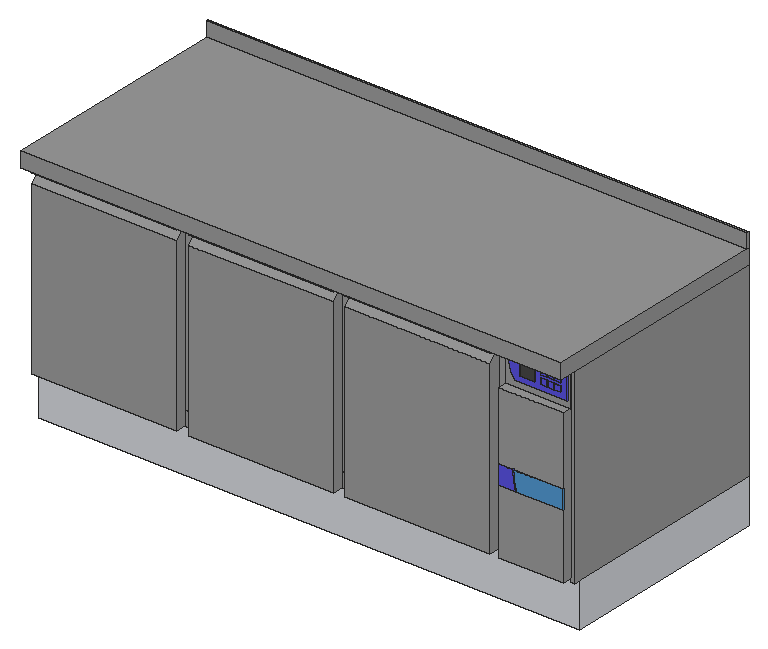
Revit family "Backwaren-Tief-Kühltische400x600 - Zentral", category Sonderausstattung, Revit 2015
Parameters (values of type "650x1845 3-türig")
  Öffnungstiefe = Korpus Tiefe - Rückwand Stärke - 100 mm  # 570 mm
  Öffnungssymbol Grundriss [instance] = yes
  Watt = 260 W
  Wand unten Stärke = 50 mm  # constant formula
  Wand oben Stärke = 50 mm  # constant formula
  Versatz bei Sockel oder Füße [instance] = if(or(Sockel, Füße), 150 mm, 0 mm)  # 150 mm
  Versatz Tür zu Seitenteil = 30 mm
  Türen Stärke = 50 mm  # constant formula
  Türen Lücke = 40 mm
  Türen Höhe = Korpus Höhe - 20 mm  # 630 mm
  Türen Breite = 495 mm
  Türen Anzahl = 3
  Türen Breite halb = Türen Breite / 2  # 247.5 mm
  Tür_3 = yes
  Tür_2 = yes
  Tür_1 = yes
  Tiefe [instance] = if(Deckplatte, Platte Tiefe, Korpus Tiefe + Türen Stärke)  # 800 mm
  Temp. Bereich = "-18°C / -20°C"
  Spannung = 230 V
  Sockelhöhe = 150 mm  # constant formula
  Sockel [instance] = yes
  Seitenwand Stärke = 50 mm  # constant formula
  Seitenteilwand Stärke = 15 mm  # constant formula
  Seitenteil Breite = 220 mm
  Scheinleistung = 0 VA
  Pole = 1
  Platte Tiefe = 800 mm  # constant formula
  Platte Stärke [instance] = if(Marmorplatte, 40 mm, 50 mm)  # 50 mm
  Pfosten Tiefe = 50 mm  # constant formula
  Rückwand Stärke = 50 mm  # constant formula
  Pfosten Breite = 100 mm  # constant formula
  Pfosten Anzahl = 2
  Pfosten Abstand = Türen Breite + (Türen Lücke / 2)  # 515 mm
  Pfosten 2 = yes
  Pfosten 1 = yes
  Material = Edelstahl AISI 304
  Marmorplatte Strg [instance] = if(and(Deckplatte, Marmorplatte), not(Marmorplatte), if(Marmorplatte, Marmorplatte, Marmorplatte))  # no
  Marmorplatte Material = Marmor
  Marmorplatte [instance] = no
  Kältemittel = "R290"
  Kälteleistung = "480 Watt -30°C VT"
  Korpus Tiefe = Platte Tiefe - 50 mm - 30 mm  # 720 mm
  Korpus Höhe = 650 mm
  Korpus Breite = Breite - Seitenteil Breite - Seitenteilwand Stärke  # 1610 mm
  Kapazität = "3 x 10 x EN6040"
  Höhe Leitungsanschluss = 500 mm
  Höhe Elektroanschluss = 150 mm
  Höhe [instance] = if(or(Deckplatte, Marmorplatte), Korpus Höhe + Versatz bei Sockel oder Füße + Platte Stärke, Korpus Höhe + Versatz bei Sockel oder Füße)  # 850 mm
  Füße Strg [instance] = and(Füße, not(Sockel))  # no
  Füße [instance] = no
  Deckplatte [instance] = yes
  DN Trichterablauf = 50 mm
  DN Saugleitung = 8 mm
  DN Flüssigkeitsleitung = 6 mm
  Breite = 1845 mm
  Aufkantung Stärke = 6 mm
  Aufkantung Strg [instance] = and(or(Deckplatte, Marmorplatte), Aufkantung)  # yes
  Aufkantung Höhe = 50 mm
  Aufkantung [instance] = yes
  Artnr ohne Platte = "TKO 834660"
  Artnr mit Platte und Aufkantung = "TKO 834661"
  Artnr mit Platte = "TKO 834662"
  Artikelnr. [instance] = if(and(Deckplatte, not(Aufkantung)), Artnr mit Platte, if(and(Deckplatte, Aufkantung), Artnr mit Platte und Aufkantung, Artnr ohne Platte))  # "TKO 834661"
  Abstand Logo = (Korpus Höhe - 120 mm) / 2  # 265 mm
  Abstand Leitungen = 100 mm
  Abstand Display seitlich = 10 mm
Types (2, lengths in mm): name | Watt | Versatz Tür zu Seitenteil | Türen Anzahl | Tür_3 | Pfosten Anzahl | Pfosten 2 | Kälteleistung | Korpus Breite | Kapazität | Breite | Artnr ohne Platte | Artnr mit Platte und Aufkantung | Artnr mit Platte | Artikelnr.
  650x1300 2-türig | 210 W | 20 | 2 | no | 1 | no | "430 Watt -30°C VT" | 1065 | "2 x 10 x EN6040" | 1300 | "TKO 824660" | "TKO 824661" | "TKO 824662" | "TKO 824661"
  650x1845 3-türig | 260 W | 30 | 3 | yes | 2 | yes | "480 Watt -30°C VT" | 1610 | "3 x 10 x EN6040" | 1845 | "TKO 834660" | "TKO 834661" | "TKO 834662" | "TKO 834661"
Reference planes
  plane 1 "Mitte (Vorne/Hinten)": y = 0
  plane 2: z = 0
  plane 3 "Mitte (Links/Rechts)": x = 0
  plane 4: x = -15
  plane 5: x = -235
  plane 6: x = -285
  plane 7: x = -730
  plane 8: x = -780
  plane 9: x = -830
  plane 10: x = -1265
  plane 11: x = -1315
  plane 12: x = -1365
  plane 13: x = -1800
  plane 14: x = -1850
  plane 15: x = -1900
  plane 16: x = -1795
  plane 17 "L": x = -1845
  plane 18: y = -50
  plane 19: y = -670
  plane 20: y = -720
  plane 21 "Korpus unten": z = 150
  plane 22: z = 200
  plane 23: z = 750
  plane 24: z = 800
  plane 25: z = 850
  plane 26: z = 900
  plane 27: z = 150
  plane 28 "Türen": z = 160
  plane 29: z = 680
  plane 30: y = -15
  plane 31: y = -800
  plane 32: x = -1830
  plane 33: x = -265
  plane 34: y = -6
  plane 35: x = -2117.5
  plane 36: x = -1582.5
  plane 37: x = -1047.5
  plane 38: x = -512.5
  plane 39 "Display": y = -740
  plane 40 "Logo": y = -770
  plane 41: x = -110
  plane 42: y = -160
  plane 43: y = -300
  plane 44: y = -450
  plane 45: z = 447.5
  plane 46: z = 382.5
  plane 47: z = 415
  plane 48: x = -760
  plane 49: x = -1295
  plane 50: x = -1830
  plane 51: x = -800
  plane 52: x = -1335
  plane 53: x = -1870
  plane 54 "Leitungen": z = 500
  plane 55 "Elektro": z = 150
  plane 56: x = -160
  plane 57: x = -60
  plane 58: y = -80
  plane 59: y = -678
  plane 60: x = -1765
  plane 61 "SR": x = -273
Forms (mm)
  Extrusion 1, solid, material "Edelstahl AISI 304" <- "Material", visible <- "Pfosten 2", detail levels fine
    sketch origin (0, 0, 0) x (1, 0, 0) y (0, 1, 0)
      loop
        line (-1365, -720) -> (-1265, -720) -> (-1265, -670) -> (-1365, -670) -> (-1365, -720)
    from 200 to 750
  Extrusion 2, solid, material "Edelstahl AISI 304" <- "Material", visible <- "Pfosten 1", detail levels fine
    sketch origin (0, 0, 0) x (1, 0, 0) y (0, 1, 0)
      loop
        line (-830, -720) -> (-730, -720) -> (-730, -670) -> (-830, -670) -> (-830, -720)
    from 200 to 750
  Extrusion 3, solid, material "Edelstahl AISI 304" <- "Material", detail levels fine
    sketch origin (0, 0, 0) x (1, 0, 0) y (0, 0, 1)
      loop
        line (-235, 150) -> (-235, 800) -> (-1845, 800) -> (-1845, 150) -> (-235, 150)
      loop
        line (-1795, 750) -> (-1795, 200) -> (-285, 200) -> (-285, 750) -> (-1795, 750)
    from 0 to 720
  Extrusion 4, solid, material "Edelstahl AISI 304" <- "Material", detail levels fine
    sketch origin (0, 0, 0) x (1, 0, 0) y (0, 0, 1)
      loop
        line (-1795, 750) -> (-1795, 200) -> (-285, 200) -> (-285, 750) -> (-1795, 750)
    from 0 to 50
  Extrusion 5, solid, material "Edelstahl AISI 304" <- "Material", visible <- "Füße Strg", detail levels medium+fine
    sketch origin (0, 0, 0) x (1, 0, 0) y (0, 1, 0)
      loop
        circle (-1765, -80) r 20
      loop
        circle (-273, -80) r 20
      loop
        circle (-273, -678) r 20
      loop
        circle (-1765, -678) r 20
    from 0 to 150
  Extrusion 6, solid, visible <- "Sockel", detail levels medium+fine
    sketch origin (0, 0, 0) x (1, 0, 0) y (0, 1, 0)
      loop
        line (-1845, 0) -> (-1845, -720) -> (0, -720) -> (0, 0) -> (-1845, 0)
    from 0 to 150
  Extrusion 7, solid, material "Edelstahl AISI 304" <- "Material", detail levels medium+fine
    sketch origin (0, 0, 0) x (1, 0, 0) y (0, 1, 0)
      loop
        line (-235, 0) -> (-235, -720) -> (-15, -720) -> (-15, 0) -> (-235, 0)
    from 150 to 800
  Extrusion 8, solid, material "Edelstahl AISI 304" <- "Material", detail levels medium+fine
    sketch origin (0, 0, 0) x (1, 0, 0) y (0, 1, 0)
      loop
        line (-15, 0) -> (-15, -740) -> (0, -740) -> (0, 0) -> (-15, 0)
    from 150 to 800
  Extrusion 9, solid, material "Edelstahl AISI 304" <- "Material", visible <- "Deckplatte", detail levels medium+fine
    sketch origin (0, 0, 0) x (1, 0, 0) y (0, 1, 0)
      loop
        line (-1845, 0) -> (-1845, -800) -> (0, -800) -> (0, 0) -> (-1845, 0)
    from 800 to 850
  Extrusion 10, solid, material "Edelstahl AISI 304" <- "Material", visible <- "Aufkantung Strg", detail levels fine
    sketch origin (0, 0, 0) x (1, 0, 0) y (0, 1, 0)
      loop
        line (-1845, 0) -> (-1845, -6) -> (0, -6) -> (0, 0) -> (-1845, 0)
    from 850 to 900
  Extrusion 11, solid, material "Edelstahl AISI 304" <- "Material", detail levels medium+fine
    sketch origin (0, 0, 0) x (1, 0, 0) y (0, 0, 1)
      loop
        line (-15, 160) -> (-15, 680) -> (-235, 680) -> (-235, 160) -> (-15, 160)
    from 720 to 770
  Extrusion 12, solid, material "Edelstahl AISI 304" <- "Material", detail levels medium+fine
    sketch origin (0, 0, 0) x (1, 0, 0) y (0, 0, 1)
      loop
        line (-235, 800) -> (-235, 680) -> (-15, 680) -> (-15, 800) -> (-235, 800)
    from 720 to 740
  Extrusion 13, solid, material "Logo Blau Dunkel", detail levels fine
    sketch origin (0, -740, 0) x (-1, 0, 0) y (0, 0, 1)
      loop
        line (225, 780) -> (25, 780) -> (25, 700) -> (205, 700)
        arc (205, 700) -> (219.844, 738.789) -> (225, 780) r 172.745
      loop
        line (185, 770) -> (135, 770) -> (135, 720) -> (185, 720) -> (185, 770)
      loop
        line (115, 770) -> (95, 770) -> (95, 750) -> (115, 750) -> (115, 770)
      loop
        line (90, 770) -> (70, 770) -> (70, 750) -> (90, 750) -> (90, 770)
      loop
        line (65, 770) -> (45, 770) -> (45, 750) -> (65, 750) -> (65, 770)
      loop
        line (115, 720) -> (115, 740) -> (95, 740) -> (95, 720) -> (115, 720)
      loop
        line (90, 720) -> (90, 740) -> (70, 740) -> (70, 720) -> (90, 720)
      loop
        line (65, 720) -> (65, 740) -> (45, 740) -> (45, 720) -> (65, 720)
    from 0 to -2
  Extrusion 14, solid, material "Logo Blau Hell", detail levels fine
    sketch origin (0, -770, 0) x (-1, 0, 0) y (0, 0, 1)
      loop
        line (185, 447.5) -> (15, 447.5) -> (15, 382.5) -> (175, 382.5)
        arc (175, 382.5) -> (182.724, 414.581) -> (185, 447.5) r 197.504
    from 0 to -2
  Extrusion 15, solid, material "Logo Blau Dunkel", detail levels fine
    sketch origin (0, -770, 0) x (-1, 0, 0) y (0, 0, 1)
      loop
        line (175, 382.5) -> (235, 382.5) -> (235, 447.5) -> (185, 447.5)
        arc (185, 447.5) -> (182.724, 414.581) -> (175, 382.5) r 197.504
    from 0 to -2
  Extrusion 16, solid, not visible
    sketch origin (0, 0, 150) x (-1, 0, 0) y (0, -1, 0)
      loop
        circle (110, 160) r 40
    from 0 to 2
  Extrusion 17, solid, material "Display", detail levels fine
    sketch origin (0, -740, 0) x (-1, 0, 0) y (0, 0, 1)
      loop
        line (185, 770) -> (135, 770) -> (135, 720) -> (185, 720) -> (185, 770)
    from 0 to -2
  Extrusion 18, solid, material "Knöpfe", detail levels fine
    sketch origin (0, -740, 0) x (-1, 0, 0) y (0, 0, 1)
      loop
        line (115, 770) -> (95, 770) -> (95, 750) -> (115, 750) -> (115, 770)
      loop
        line (115, 740) -> (95, 740) -> (95, 720) -> (115, 720) -> (115, 740)
      loop
        line (90, 720) -> (90, 740) -> (70, 740) -> (70, 720) -> (90, 720)
      loop
        line (90, 750) -> (90, 770) -> (70, 770) -> (70, 750) -> (90, 750)
      loop
        line (65, 770) -> (45, 770) -> (45, 750) -> (65, 750) -> (65, 770)
      loop
        line (65, 740) -> (45, 740) -> (45, 720) -> (65, 720) -> (65, 740)
    from 0 to -3
  Extrusion 19, solid, material "Marmor" <- "Marmorplatte Material", visible <- "Marmorplatte Strg", detail levels medium+fine
    sketch origin (0, 0, 150) x (-1, 0, 0) y (0, -1, 0)
      loop
        line (1845, 0) -> (1845, 800) -> (0, 800) -> (0, 0) -> (1845, 0)
    from 700 to 650
  Extrusion 20, solid, material "Marmor", not visible
    sketch origin (0, 0, 150) x (0, -1, 0) y (1, 0, 0)
      loop
        circle (300, -110) r 20
    from 0 to -2
  Extrusion 21, solid, material "Marmor", not visible
    sketch origin (0, 0, 500) x (0, -1, 0) y (1, 0, 0)
      loop
        circle (450, -160) r 3
      loop
        circle (450, -60) r 4
    from 0 to -2
  Extrusion 22, solid, material "Edelstahl AISI 304" <- "Material", detail levels medium
    sketch origin (0, 0, 150) x (-1, 0, 0) y (0, -1, 0)
      loop
        line (1845, 0) -> (1845, 720) -> (235, 720) -> (235, 0) -> (1845, 0)
    from 650 to -2
  Extrusion 23, solid, material "Edelstahl AISI 304" <- "Material", detail levels coarse
    sketch origin (0, 0, 0) x (1, 0, 0) y (0, 1, 0)
      loop
        line (-1845, 0) -> (-1845, -800) -> (0, -800) -> (0, 0) -> (-1845, 0)
    from 850 to -2
Dimensions and locks
  "Rückwand Stärke": plane 18 to plane 1 "Mitte (Vorne/Hinten)"
  "Pfosten Tiefe": plane 19 to plane 20
  "Korpus Tiefe": plane 20 to plane 1 "Mitte (Vorne/Hinten)"
  "Seitenwand Stärke": plane 5 to plane 6
  "Seitenwand Stärke": plane 16 to plane 17 "L"
  "Seitenteilwand Stärke": plane 3 "Mitte (Links/Rechts)" to plane 4
  "Seitenteil Breite": plane 4 to plane 5
  "Breite": plane 3 "Mitte (Links/Rechts)" to plane 17 "L"
  "Wand unten Stärke": plane 22 to plane 21 "Korpus unten"
  "Aufkantung Höhe": plane 26 to plane 25
  "Platte Stärke": plane 25 to plane 24
  "Wand oben Stärke": plane 24 to plane 23
  "Korpus Höhe": plane 24 to plane 21 "Korpus unten"
  "Versatz bei Sockel oder Füße": plane 21 "Korpus unten" to level
  "Sockelhöhe": plane 27 to level
  locked: plane 28 "Türen" to plane 21 "Korpus unten" at 10
  locked: plane 24 to plane 29 at 120
  "Seitenteilwand Stärke": plane 30 to plane 1 "Mitte (Vorne/Hinten)"
  "Platte Tiefe": plane 31 to plane 1 "Mitte (Vorne/Hinten)"
  locked: plane 32 to plane 17 "L" at 15
  "Versatz Tür zu Seitenteil": plane 5 to plane 33
  "Aufkantung Stärke": plane 34 to plane 1 "Mitte (Vorne/Hinten)"
  locked: plane 20 to plane 39 "Display" at 20
  "Türen Stärke": plane 20 to plane 40 "Logo"
  locked: plane 41 to plane 3 "Mitte (Links/Rechts)" at 110
  plane 44 to plane 43 to plane 42 to plane 1 "Mitte (Vorne/Hinten)" = 150 mm locked, 140 mm locked, 160 mm locked
  locked: plane 24 to Extrusion 13 sketch curve at 20
  locked: Extrusion 13 sketch curve to plane 29 at 20
  locked: Extrusion 13 sketch curve to Extrusion 13 sketch curve at 10
  locked: Extrusion 13 sketch curve to Extrusion 13 sketch curve at 20  (x3)
  locked: plane 45 to plane 46 at 65
  "Abstand Logo": plane 29 to plane 47
  locked: Extrusion 14 sketch curve to plane 5 at 50
  locked: Extrusion 14 sketch curve to plane 5 at 60
  equal spacing: plane 45, plane 47, plane 46
  plane 29 to plane 45 = 232.5 mm
  "Türen Breite halb": plane 33 to plane 38
  "Türen Lücke": plane 48 to plane 51
  "Türen Lücke": plane 49 to plane 52
  "Türen Lücke": plane 50 to plane 53
  "Türen Breite halb": plane 51 to plane 37
  "Türen Breite halb": plane 52 to plane 36
  "Türen Breite halb": plane 53 to plane 35
  "Türen Breite": plane 33 to plane 48
  "Türen Breite": plane 51 to plane 49
  "Türen Breite": plane 52 to plane 50
  equal spacing: plane 7, plane 8, plane 9
  equal spacing: plane 10, plane 11, plane 12
  equal spacing: plane 13, plane 14, plane 15
  "Pfosten Breite": plane 13 to plane 15
  "Pfosten Breite": plane 10 to plane 12
  "Pfosten Breite": plane 7 to plane 9
  "Pfosten Abstand": plane 33 to plane 8
  "Pfosten Abstand": plane 51 to plane 11
  "Pfosten Abstand": plane 52 to plane 14
  "Abstand Display seitlich": plane 4 to Extrusion 13 sketch curve
  locked: Extrusion 13 sketch curve to Extrusion 13 sketch curve at 200
  locked: Extrusion 13 sketch curve to Extrusion 13 sketch curve at 180
  Extrusion 13 sketch curve to Extrusion 13 sketch curve to Extrusion 13 sketch curve to Extrusion 13 sketch curve to Extrusion 13 sketch curve to Extrusion 13 sketch curve to Extrusion 13 sketch curve to Extrusion 13 sketch curve to Extrusion 13 sketch curve = 50 mm locked, 20 mm locked, 20 mm locked, 5 mm locked, 20 mm locked, 5 mm locked, 20 mm locked, 20 mm locked
  "Höhe Leitungsanschluss": plane 54 "Leitungen" to level
  "Höhe Elektroanschluss": plane 55 "Elektro" to level
  equal spacing: plane 56, plane 41, plane 57
  "Abstand Leitungen": plane 56 to plane 57
  locked: plane 58 to plane 1 "Mitte (Vorne/Hinten)" at 80
  locked: plane 59 to plane 20 at 42
  locked: plane 17 "L" to plane 60 at 80
  locked: plane 61 "SR" to plane 3 "Mitte (Links/Rechts)" at 273
  "DN Flüssigkeitsleitung": diameter of Extrusion 21 sketch curve
  "DN Saugleitung": diameter of Extrusion 21 sketch curve
  aligned and locked: level to plane 2
  aligned and locked: plane 23 to Extrusion 2
  aligned and locked: plane 23 to Extrusion 1
  aligned and locked: Extrusion 3 to plane 20
  aligned and locked: Extrusion 2 to plane 22
  aligned and locked: Extrusion 1 to plane 22
  aligned and locked: Extrusion 4 to plane 18
  aligned and locked: plane 27 to Extrusion 5
  aligned and locked: plane 27 to Extrusion 6
  aligned and locked: plane 24 to Extrusion 7
  aligned and locked: Extrusion 7 to plane 21 "Korpus unten"
  aligned and locked: plane 24 to Extrusion 8
  aligned and locked: Extrusion 8 to plane 21 "Korpus unten"
  aligned and locked: plane 25 to Extrusion 9
  aligned and locked: Extrusion 9 to plane 24
  aligned and locked: plane 26 to Extrusion 10
  aligned and locked: Extrusion 10 to plane 25
  aligned and locked: plane 20 to Extrusion 11
  aligned and locked: plane 20 to Extrusion 12
  aligned and locked: Extrusion 12 to plane 39 "Display"
  aligned and locked: plane 39 "Display" to Extrusion 8 sketch curve
  aligned and locked: plane 4 to Extrusion 8 sketch curve
  aligned and locked: Extrusion 8 sketch curve to plane 3 "Mitte (Links/Rechts)"
  aligned and locked: plane 1 "Mitte (Vorne/Hinten)" to Extrusion 8 sketch curve
  aligned and locked: nested 3 to plane 36
  aligned and locked: plane 37 to nested 2
  aligned and locked: plane 38 to nested 1
  aligned and locked: nested 1 to plane 28 "Türen"
  aligned and locked: nested 2 to plane 28 "Türen"
  aligned and locked: nested 3 to plane 28 "Türen"
  aligned and locked: nested 3 to plane 20
  aligned and locked: nested 2 to plane 20
  aligned and locked: nested 1 to plane 20
  aligned and locked: plane 28 "Türen" to Extrusion 11 sketch curve
  aligned and locked: plane 5 to Extrusion 11 sketch curve
  aligned and locked: Extrusion 11 sketch curve to plane 4
  aligned and locked: plane 29 to Extrusion 11 sketch curve
  aligned and locked: Extrusion 10 sketch curve to plane 34
  aligned and locked: Extrusion 13 sketch curve to Extrusion 13 sketch curve  (x16)
  aligned and locked: Extrusion 14 sketch curve to plane 4
  aligned and locked: Extrusion 15 sketch curve to Extrusion 14
  aligned and locked: plane 46 to Extrusion 15 sketch curve
  aligned and locked: plane 45 to Extrusion 15 sketch curve
  aligned and locked: plane 5 to Extrusion 15 sketch curve
  aligned and locked: Extrusion 17 sketch curve to Extrusion 13  (x4)
  aligned and locked: Extrusion 18 sketch curve to Extrusion 13  (x24)
  aligned and locked: Extrusion 11 to plane 40 "Logo"
  aligned and locked: plane 25 to Extrusion 19
  aligned and locked: Extrusion 19 to plane 24
  aligned and locked: Extrusion 22 sketch curve to plane 5
  aligned and locked: plane 17 "L" to Extrusion 22 sketch curve
  aligned and locked: plane 1 "Mitte (Vorne/Hinten)" to Extrusion 22 sketch curve
  aligned and locked: plane 20 to Extrusion 22 sketch curve
  aligned and locked: plane 24 to Extrusion 22
  aligned and locked: plane 25 to Extrusion 23
Automatic sketch dimensions
  Extrusion 9 sketch curve to plane 17 "L" = 0 mm
  Extrusion 9 sketch curve to plane 3 "Mitte (Links/Rechts)" = 0 mm
  Extrusion 9 sketch curve to plane 31 = 0 mm
  plane 1 "Mitte (Vorne/Hinten)" to Extrusion 9 sketch curve = 0 mm
  Extrusion 10 sketch curve to plane 17 "L" = 0 mm
  Extrusion 10 sketch curve to plane 3 "Mitte (Links/Rechts)" = 0 mm
  plane 1 "Mitte (Vorne/Hinten)" to Extrusion 10 sketch curve = 0 mm
  Extrusion 14 sketch curve to plane 46 = 0 mm
  Extrusion 14 sketch curve to plane 45 = 0 mm
  Extrusion 14 sketch curve to plane 45 = 2.887 mm
  Extrusion 1 sketch curve to plane 12 = 0 mm
  Extrusion 1 sketch curve to plane 10 = 0 mm
  Extrusion 1 sketch curve to plane 20 = 0 mm
  Extrusion 1 sketch curve to plane 19 = 0 mm
  Extrusion 2 sketch curve to plane 9 = 0 mm
  Extrusion 2 sketch curve to plane 7 = 0 mm
  Extrusion 2 sketch curve to plane 20 = 0 mm
  Extrusion 2 sketch curve to plane 19 = 0 mm
  Extrusion 3 sketch curve to plane 17 "L" = 0 mm
  Extrusion 3 sketch curve to plane 16 = 0 mm
  Extrusion 3 sketch curve to plane 6 = 0 mm
  Extrusion 3 sketch curve to plane 5 = 0 mm
  Extrusion 3 sketch curve to plane 21 "Korpus unten" = 0 mm
  Extrusion 3 sketch curve to plane 22 = 0 mm
  Extrusion 3 sketch curve to plane 23 = 0 mm
  Extrusion 3 sketch curve to plane 24 = 0 mm
  Extrusion 4 sketch curve to plane 16 = 0 mm
  Extrusion 4 sketch curve to plane 6 = 0 mm
  Extrusion 4 sketch curve to plane 22 = 0 mm
  Extrusion 4 sketch curve to plane 23 = 0 mm
  Extrusion 6 sketch curve to plane 17 "L" = 0 mm
  Extrusion 6 sketch curve to plane 3 "Mitte (Links/Rechts)" = 0 mm
  Extrusion 6 sketch curve to plane 20 = 0 mm
  plane 1 "Mitte (Vorne/Hinten)" to Extrusion 6 sketch curve = 0 mm
  Extrusion 7 sketch curve to plane 5 = 0 mm
  Extrusion 7 sketch curve to plane 4 = 0 mm
  Extrusion 7 sketch curve to plane 20 = 0 mm
  plane 1 "Mitte (Vorne/Hinten)" to Extrusion 7 sketch curve = 0 mm
  Extrusion 12 sketch curve to plane 5 = 0 mm
  Extrusion 12 sketch curve to plane 4 = 0 mm
  Extrusion 12 sketch curve to plane 29 = 0 mm
  Extrusion 12 sketch curve to plane 24 = 0 mm
  Extrusion 16 sketch curve to plane 41 = 0 mm
  Extrusion 16 sketch curve to plane 42 = 0 mm
  plane 1 "Mitte (Vorne/Hinten)" to Extrusion 19 sketch curve = 0 mm
  Extrusion 19 sketch curve to plane 3 "Mitte (Links/Rechts)" = 0 mm
  Extrusion 19 sketch curve to plane 17 "L" = 0 mm
  Extrusion 19 sketch curve to plane 31 = 0 mm
  Extrusion 20 sketch curve to plane 41 = 0 mm
  Extrusion 20 sketch curve to plane 43 = 0 mm
  Extrusion 5 sketch curve to plane 59 = 0 mm  (x2)
  Extrusion 5 sketch curve to plane 60 = 0 mm  (x2)
  Extrusion 5 sketch curve to plane 58 = 0 mm  (x2)
  Extrusion 5 sketch curve to plane 61 "SR" = 0 mm  (x2)
  Extrusion 23 sketch curve to plane 17 "L" = 0 mm
  Extrusion 23 sketch curve to plane 3 "Mitte (Links/Rechts)" = 0 mm
  Extrusion 23 sketch curve to plane 31 = 0 mm
  plane 1 "Mitte (Vorne/Hinten)" to Extrusion 23 sketch curve = 0 mm
  plane 57 to Extrusion 13 sketch curve = 7.743 mm
  Extrusion 21 sketch curve to plane 44 = 0 mm  (x2)
  Extrusion 21 sketch curve to plane 56 = 0 mm
  Extrusion 21 sketch curve to plane 57 = 0 mm
  radius of Extrusion 16 sketch curve = 40 mm
  radius of Extrusion 20 sketch curve = 20 mm
  radius of Extrusion 5 sketch curve = 20 mm  (x4)
Nested families
  nested 1: "Türen 1" at (-512.5, -720, 160), Tür Höhe <- "Türen Höhe", Tür Breite <- "Türen Breite", visible <- "Tür_1", type "1-fach"
    with Tür Höhe 3 von 3 203 mm, Tür Höhe 2 von 3 203 mm, Tür Höhe 2 von 2 ungleich 417 mm, Tür Höhe 2 von 2 gleich 310 mm, Tür Höhe 1 von 3 203 mm, Tür Höhe 1 von 2 ungleich 203 mm, Tür Höhe 1 von 2 gleich 310 mm, Tür Höhe 630 mm, Tür Breite 495 mm, Lücke 2 10 mm, Lücke 1 10.5 mm, Öffnungstiefe 570 mm
  nested 2: "Türen 1" at (-1047.5, -720, 160), Tür Höhe <- "Türen Höhe", Tür Breite <- "Türen Breite", visible <- "Tür_2", type "1-fach"
    with Tür Höhe 3 von 3 203 mm, Tür Höhe 2 von 3 203 mm, Tür Höhe 2 von 2 ungleich 417 mm, Tür Höhe 2 von 2 gleich 310 mm, Tür Höhe 1 von 3 203 mm, Tür Höhe 1 von 2 ungleich 203 mm, Tür Höhe 1 von 2 gleich 310 mm, Tür Höhe 630 mm, Tür Breite 495 mm, Lücke 2 10 mm, Lücke 1 10.5 mm, Öffnungstiefe 570 mm
  nested 3: "Türen 1" at (-1582.5, -720, 160), Tür Höhe <- "Türen Höhe", Tür Breite <- "Türen Breite", visible <- "Tür_3", type "1-fach"
    with Tür Höhe 3 von 3 203 mm, Tür Höhe 2 von 3 203 mm, Tür Höhe 2 von 2 ungleich 417 mm, Tür Höhe 2 von 2 gleich 310 mm, Tür Höhe 1 von 3 203 mm, Tür Höhe 1 von 2 ungleich 203 mm, Tür Höhe 1 von 2 gleich 310 mm, Tür Höhe 630 mm, Tür Breite 495 mm, Lücke 2 10 mm, Lücke 1 10.5 mm, Öffnungstiefe 570 mm
Connectors
  piping at (-110, -160, 150), diameter 50, driven by "DN Trichterablauf"
    settings: on Extrusion 16, index 2, connector inside diameter 609.6 mm, connector length 0 mm, flow factor 0, pipe flow 0.0 L/s, pressure drop 0.0 Pa, fitting loss kfactor 0, connector angle 0.00°, fixture units 0, engagement length 0 mm, angle of deflection 0.00°, flow configuration 1, flow direction 2, fitting loss method 0, system type 16, joint type 0, gender type 0, connector reference index -1, connector utility 0, adjustable connector no, is connector primary yes, connector description ""
  electrical at (-110, -300, 148), driven by "Pole", driven by "Spannung", driven by "Scheinleistung"
    settings: on Extrusion 20, index 3, voltage 230 V, apparent load 0 VA, apparent load phase1 0 VA, apparent load phase2 0 VA, apparent load phase3 0 VA, power factor 1, load classification "Sonstige", number of poles 1, system type 31, power factor state 1, is connector primary yes, connector utility no, sub classification motor no, connector description ""
  piping at (-160, -450, 498), diameter 6, driven by "DN Flüssigkeitsleitung"
    settings: on Extrusion 21, index 5, connector inside diameter 609.6 mm, connector length 0 mm, flow factor 0, pipe flow 0.0 L/s, pressure drop 0.0 Pa, fitting loss kfactor 0, connector angle 0.00°, fixture units 0, engagement length 0 mm, angle of deflection 0.00°, flow configuration 1, flow direction 1, fitting loss method 0, system type 20, joint type 0, gender type 0, connector reference index -1, connector utility 0, adjustable connector no, is connector primary no, connector description ""
  piping at (-60, -450, 498), diameter 8, driven by "DN Saugleitung"
    settings: on Extrusion 21, index 6, connector inside diameter 609.6 mm, connector length 0 mm, flow factor 0, pipe flow 0.0 L/s, pressure drop 0.0 Pa, fitting loss kfactor 0, connector angle 0.00°, fixture units 0, engagement length 0 mm, angle of deflection 0.00°, flow configuration 1, flow direction 1, fitting loss method 0, system type 22, joint type 0, gender type 0, connector reference index -1, connector utility 0, adjustable connector no, is connector primary no, connector description ""
Definition of nested family "Türen 1"
  Parameters (values of type "1-fach")
    Öffnungstiefe = 375.348 mm
    Öffnungssymbol Grundriss = yes
    Türflügel Stärke = 35 mm
    Tür Stärke = 50 mm
    Tür Höhe 2 von 2 ungleich [instance] = Tür Höhe - Tür Höhe 1 von 2 ungleich - 10 mm  # 417 mm
    Tür Höhe 2 von 2 gleich [instance] = (Tür Höhe - Lücke 2) / 2  # 309.75 mm
    Tür Höhe 1 von 2 ungleich [instance] = (Tür Höhe - (Lücke 1 * 2)) / 3  # 203 mm
    Tür Höhe 1 von 2 gleich [instance] = (Tür Höhe - Lücke 2) / 2  # 309.75 mm
    Tür Höhe [instance] = 630 mm
    Tür Breite [instance] = 430 mm
    Tür Höhe 3 von 3 [instance] = (Tür Höhe - (Lücke 1 * 2)) / 3  # 203 mm
    Tür Höhe 2 von 3 [instance] = (Tür Höhe - (Lücke 1 * 2)) / 3  # 203 mm
    Tür Höhe 1 von 3 [instance] = (Tür Höhe - (Lücke 1 * 2)) / 3  # 203 mm
    Material = none
    Lücke 2 [instance] = 10.5 mm
    Lücke 1 [instance] = 10.5 mm
    Dichtung Stärke = Tür Stärke - Türflügel Stärke  # 15 mm
    3-fach = no
    2-fach ungleich = no
    2-fach gleich = no
    1-fach = yes
  Reference planes
    plane 1 "Mitte (Vorne/Hinten)": y = 0
    plane 2: z = 0
    plane 3 "Mitte (Links/Rechts)": x = 0
    plane 4: x = 215
    plane 5: x = -215
    plane 6: y = -50
    plane 7: y = -15
    plane 8: z = 630
    plane 9: z = 417
    plane 10: z = 427
    plane 11: z = 320.25
    plane 12: z = 309.75
    plane 13: z = 427
    plane 14: z = 416.5
    plane 15: z = 213.5
    plane 16: z = 203
    plane 17: y = -425.348
  Forms (mm)
    Extrusion 1, solid, material <- "Material", visible <- "1-fach", detail levels fine
      sketch origin (0, 0, 0) x (0, 1, 0) y (0, 0, 1)
        loop
          line (-50, 0) -> (-15, 0) -> (-15, 630) -> (-50, 630) -> (-50, 615) -> (-48, 615) -> (-48, 628) -> (-17, 628) -> (-17, 615) -> (-50, 582) -> (-50, 0)
      from -215 to 215
    Extrusion 2, solid, material <- "Material", visible <- "1-fach", detail levels medium
      sketch origin (0, 0, 0) x (1, 0, 0) y (0, 0, 1)
        loop
          line (-215, 630) -> (-215, 0) -> (215, 0) -> (215, 630) -> (-215, 630)
      from 0 to 50
  Lines and regions (mm)
    symbolic lines, visible <- "Öffnungssymbol Grundriss"
      curve 1: line (-215, -15, 0) -> (-215, -425.348, 0)
      curve 2: line (-215, -425.348, 0) -> (215, -425.348, 0)
      curve 3: line (215, -425.348, 0) -> (215, -15, 0)
      curve 4: line (0, -100.348, 0) -> (0, -375.348, 0)
      curve 5: line (0, -100.348, 0) -> (24.749, -125.096, 0)
      curve 6: line (0, -100.348, 0) -> (-24.749, -125.096, 0)
      curve 7: line (0, -375.348, 0) -> (24.749, -350.599, 0)
      curve 8: line (0, -375.348, 0) -> (-24.749, -350.599, 0)
  Dimensions and locks
    "Dichtung Stärke": plane 7 to plane 1 "Mitte (Vorne/Hinten)"
    "Tür Stärke": plane 1 "Mitte (Vorne/Hinten)" to plane 6
    "Tür Höhe": plane 8 to level
    equal spacing: plane 4, plane 3 "Mitte (Links/Rechts)", plane 5
    "Tür Breite": plane 4 to plane 5
    locked: Extrusion 1 sketch curve to plane 7 at 2
    locked: plane 6 to Extrusion 1 sketch curve at 2
    locked: plane 8 to Extrusion 1 sketch curve at 2
    locked: plane 8 to Extrusion 1 sketch curve at 15  (x2)
    "Tür Höhe 2 von 2 ungleich": plane 9 to level
    "Tür Höhe 1 von 2 ungleich": plane 8 to plane 10
    "Tür Höhe 1 von 2 gleich": plane 8 to plane 11
    "Tür Höhe 2 von 2 gleich": plane 12 to level
    "Lücke 1": plane 16 to plane 15
    "Lücke 1": plane 13 to plane 14
    "Tür Höhe 1 von 3": plane 8 to plane 13
    "Tür Höhe 3 von 3": plane 16 to level
    "Öffnungstiefe": plane 6 to plane 17
    locked: plane 6 to curve 4 at 50.348
    locked: curve 4 to plane 17 at 50
    locked: Extrusion 1 sketch curve to Extrusion 1 sketch curve (angle 135.00°)
    aligned and locked: level to plane 2
    aligned and locked: Extrusion 1 sketch curve to level
    aligned and locked: Extrusion 1 sketch curve to plane 6  (x2)
    aligned and locked: plane 7 to Extrusion 1 sketch curve
    aligned and locked: plane 8 to Extrusion 1 sketch curve
    aligned and locked: Extrusion 1 to plane 5
    aligned and locked: plane 4 to Extrusion 1
    aligned and locked: curve 4 to plane 3 "Mitte (Links/Rechts)"
    aligned and locked: Extrusion 2 to plane 6
  Automatic sketch dimensions
    curve 1 to plane 5 = 0 mm
    curve 3 to plane 4 = 0 mm
    curve 1 to plane 17 = 0 mm
    curve 1 to plane 7 = 0 mm
    curve 3 to plane 7 = 0 mm
    curve 6 to plane 3 "Mitte (Links/Rechts)" = 24.749 mm
    curve 8 to plane 3 "Mitte (Links/Rechts)" = 24.749 mm
    plane 3 "Mitte (Links/Rechts)" to curve 5 = 24.749 mm
    plane 3 "Mitte (Links/Rechts)" to curve 7 = 24.749 mm
    curve 4 to curve 8 = 24.749 mm
    curve 6 to curve 4 = 24.749 mm
    Extrusion 2 sketch curve to level = 0 mm
    Extrusion 2 sketch curve to plane 5 = 0 mm
    Extrusion 2 sketch curve to plane 4 = 0 mm
    Extrusion 2 sketch curve to plane 8 = 0 mm
